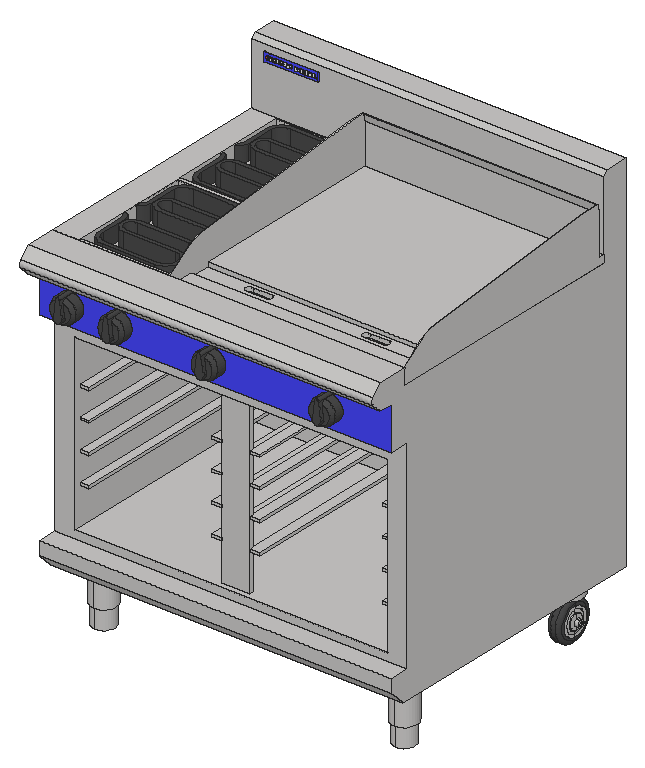
Revit family "QF_MOFFAT_BLUESEAL_CE_E516B-CB", category Specialty Equipment, Revit 2012
Parameters
  Width = 900 mm
  Weight in Pounds = 286  # constant formula
  Watts = 11600 W
  Volts = 400 V
  URL Cutsheet = "www.moffat.com"
  URL = "www.moffat.com"
  Type Mark [instance] = ""
  Status [instance] = ""
  Specification by User [instance] = ""
  Specification by Manufacturer = ""
  Show Logo [instance] = yes
  Show Casters [instance] = yes
  Serial Number = ""
  Seismic Rating = ""
  SMACNA No = ""
  Revision Code [instance] = ""
  Phase = 3
  Omniclass Number and Title = ""
  Number of Poles = 1
  NAFEM Spec ID Number = ""
  Model = "E516B-CB"
  Min Ckt Ampacity = 0 A
  Max Overcurrent Protection = 0 A
  Masterspec = ""
  Manufacturer = "MOFFAT BLUESEAL"
  Legs [instance] = not(Show Casters)  # no
  Item Number [instance] = ""
  Installed By [instance] = ""
  Identify Quantity as Lot [instance] = yes
  HP = ""
  Furnished By [instance] = ""
  Foodservice Equipment Identifier [instance] = yes
  FL Amps = 20 A
  Electrical Remarks = "20A PER PHASE"
  Elec Conn RI Height = 0 mm
  Elec Conn Connection Height = 0 mm
  Description = "900MM ELECTRIC COOK TOP ON CABINET BASE"
  Depth = 812 mm
  Cycle = 50 Hz
  Conn Plug = ""
  Conn Conduit = yes
  CSI MasterFormat = ""
  CSI Master Format = ""
  Base Height [instance] = 150 mm
  Apparent Power = if(Phase = 3, Volts * FL Amps * 1.73, Volts * FL Amps)  # 13840 VA
Reference planes
  plane 1 "BACK": y = 0
  plane 2: z = 0
  plane 3 "LEFT": x = 0
  plane 4 "RIGHT": x = 900
  plane 5 "FRONT": y = -812
  plane 6 "TOP": z = 970
  plane 7 "Center Y": x = 450
  plane 8 "Center X": y = -406
  plane 9 "Base Height": z = 150
  plane 10: z = 915
  plane 11: z = 1085
  plane 12: z = 740
  plane 13: x = 834
  plane 14: x = 65
  plane 15: y = -625
  plane 16: y = -100
Forms (mm)
  Extrusion 1, solid, material "QF_Finishes_Stainless Steel"
    sketch origin (0, 0, 0) x (0, 1, 0) y (0, 0, 1)
      loop
        line (0, 150) -> (0, 1085) -> (-57.5, 1085) -> (-70, 1072.5) -> (-70, 875) -> (-705.25, 875) -> (-705.25, 915) -> (-783.97, 915) -> (-808.485, 890.485)
        arc (-808.485, 890.485) -> (-811.999, 882) -> (-808.485, 873.515) r 12
        line (-808.485, 873.515) -> (-784.97, 850) -> (-749, 850) -> (-749, 740) -> (-130.5, 740) -> (-130.5, 222.5) -> (-749, 222.5) -> (-749, 186) -> (-713, 150) -> (0, 150)
    from 0 to 900
  Extrusion 2, void
    sketch origin (705, 3, 100) x (1, 0, 0) y (0, 1, 0)
      loop
        circle (65, -35) r 13.5
    from 640 to 570
  Revolve 3, solid, material "QF_Finishes_Black"
    sketch origin (87.5, 7, 757.8) x (0, 1, 0) y (0, 0, -1)
      loop
        line (-789, -69.5) -> (-766, -69.5) -> (-766, -42) -> (-756, -42) -> (-756, -37) -> (-800, -37) -> (-800, -63.651) -> (-789, -69.5)
      axis (-800, -37) -> (-756, -37)
    angle from 0 to 360
  Extrusion 4, solid, material "QF_Finishes_Black"
    sketch origin (225.77, 7, 757.958) x (-1, 0, 0) y (0, 0, -1)
      loop
        line (127.85, -26.037) -> (133.271, -68.955)
        arc (133.271, -68.955) -> (138.27, -73.842) -> (143.268, -68.955) r 5
        line (143.268, -68.955) -> (148.757, -24.87)
        arc (148.757, -24.87) -> (137.685, -14.371) -> (127.85, -26.037) r 10.487
    from 759 to 808
  Revolve 5, solid, material "QF_Finishes_Stainless Steel", visible <- "Legs"
    sketch origin (834, -165, 0) x (0, 1, 0) y (0, 0, -1)
      loop
        line (33.25, -150) -> (65, -150) -> (65, 0) -> (37.5, 0) -> (37.5, -50) -> (33.25, -50) -> (33.25, -150)
      axis (65, -150) -> (65, 0)
    angle from 0 to 360
  Revolve 6, solid, material "QF_Finishes_Stainless Steel"
    sketch origin (834, -728, 0) x (0, 1, 0) y (0, 0, -1)
      loop
        line (71.25, -150) -> (103, -150) -> (103, 0) -> (75.5, 0) -> (75.5, -50) -> (71.25, -50) -> (71.25, -150)
      axis (103, -150) -> (103, 0)
    angle from 0 to 360
  Extrusion 7, solid, material "QF_Finishes_Stainless Steel"
    sketch origin (0, -130.5, 735) x (0, 0, 1) y (-1, 0, 0)
      loop
        line (5, -900) -> (5, 0) -> (-512.5, 0) -> (-512.5, -900) -> (5, -900)
      loop
        line (-50, -850) -> (-50, -50) -> (-492.5, -50) -> (-492.5, -850) -> (-50, -850)
    from 0 to 568.5
  Extrusion 8, void
    sketch origin (0, 0, 150) x (-1, 0, 0) y (0, -1, 0)
      loop
        line (-824.497, 87.26) -> (-824.497, -30.24) -> (-694.997, -30.24) -> (-694.997, 38.76) -> (-743.497, 87.26) -> (-824.497, 87.26)
    from 72.5 to 590
  Extrusion 9, solid, material "QF_Finishes_Stainless Steel"
    sketch origin (0, -130.5, 735) x (0, 0, 1) y (-1, 0, 0)
      loop
        line (-50, -485.5) -> (-50, -414.5) -> (-492.5, -414.5) -> (-492.5, -485.5) -> (-50, -485.5)
    from 543.302 to 553.302
  Extrusion 10, solid, material "QF_Finishes_Stainless Steel"
    sketch origin (0, -130.5, 735) x (0, 0, 1) y (-1, 0, 0)
      loop
        line (-246.25, -414.5) -> (-239.9, -414.5) -> (-239.9, -389.5) -> (-246.25, -389.5) -> (-246.25, -414.5)
      loop
        line (-321.25, -414.5) -> (-314.9, -414.5) -> (-314.9, -389.5) -> (-321.25, -389.5) -> (-321.25, -414.5)
      loop
        line (-321.25, -50) -> (-321.25, -75) -> (-314.9, -75) -> (-314.9, -50) -> (-321.25, -50)
      loop
        line (-239.9, -75) -> (-239.9, -50) -> (-246.25, -50) -> (-246.25, -75) -> (-239.9, -75)
      loop
        line (-396.25, -414.5) -> (-389.9, -414.5) -> (-389.9, -389.5) -> (-396.25, -389.5) -> (-396.25, -414.5)
      loop
        line (-396.25, -50) -> (-396.25, -75) -> (-389.9, -75) -> (-389.9, -50) -> (-396.25, -50)
      loop
        line (-171.25, -414.5) -> (-164.9, -414.5) -> (-164.9, -389.5) -> (-171.25, -389.5) -> (-171.25, -414.5)
      loop
        line (-164.9, -75) -> (-164.9, -50) -> (-171.25, -50) -> (-171.25, -75) -> (-164.9, -75)
      loop
        line (-246.25, -485.5) -> (-246.25, -510.5) -> (-239.9, -510.5) -> (-239.9, -485.5) -> (-246.25, -485.5)
      loop
        line (-321.25, -485.5) -> (-321.25, -510.5) -> (-314.9, -510.5) -> (-314.9, -485.5) -> (-321.25, -485.5)
      loop
        line (-321.25, -850) -> (-314.9, -850) -> (-314.9, -825) -> (-321.25, -825) -> (-321.25, -850)
      loop
        line (-239.9, -825) -> (-246.25, -825) -> (-246.25, -850) -> (-239.9, -850) -> (-239.9, -825)
      loop
        line (-396.25, -485.5) -> (-396.25, -510.5) -> (-389.9, -510.5) -> (-389.9, -485.5) -> (-396.25, -485.5)
      loop
        line (-396.25, -850) -> (-389.9, -850) -> (-389.9, -825) -> (-396.25, -825) -> (-396.25, -850)
      loop
        line (-171.25, -485.5) -> (-171.25, -510.5) -> (-164.9, -510.5) -> (-164.9, -485.5) -> (-171.25, -485.5)
      loop
        line (-164.9, -825) -> (-171.25, -825) -> (-171.25, -850) -> (-164.9, -850) -> (-164.9, -825)
    from 0 to 553.302
  Extrusion 11, solid, material "QF_Finishes_Stainless Steel"
    sketch origin (705, -4.5, 740) x (0, 1, 0) y (1, 0, 0)
      loop
        circle (-34.187, 65) r 6.35
    from 0 to 1.6
  Revolve 12, solid, material "QF_Finishes_Black"
    sketch origin (211.766, 7, 757.8) x (0, 1, 0) y (0, 0, -1)
      loop
        line (-789, -69.5) -> (-766, -69.5) -> (-766, -42) -> (-756, -42) -> (-756, -37) -> (-800, -37) -> (-800, -63.651) -> (-789, -69.5)
      axis (-800, -37) -> (-756, -37)
    angle from 0 to 360
  Extrusion 13, solid, material "QF_Finishes_Black"
    sketch origin (350.035, 7, 757.958) x (-1, 0, 0) y (0, 0, -1)
      loop
        line (127.85, -26.037) -> (133.271, -68.955)
        arc (133.271, -68.955) -> (138.27, -73.842) -> (143.268, -68.955) r 5
        line (143.268, -68.955) -> (148.757, -24.87)
        arc (148.757, -24.87) -> (137.685, -14.371) -> (127.85, -26.037) r 10.487
    from 759 to 808
  Revolve 14, solid, material "QF_Finishes_Black"
    sketch origin (450, 7, 757.8) x (0, 1, 0) y (0, 0, -1)
      loop
        line (-789, -69.5) -> (-766, -69.5) -> (-766, -42) -> (-756, -42) -> (-756, -37) -> (-800, -37) -> (-800, -63.651) -> (-789, -69.5)
      axis (-800, -37) -> (-756, -37)
    angle from 0 to 360
  Extrusion 15, solid, material "QF_Finishes_Black"
    sketch origin (588.27, 7, 757.958) x (-1, 0, 0) y (0, 0, -1)
      loop
        line (127.85, -26.037) -> (133.271, -68.955)
        arc (133.271, -68.955) -> (138.27, -73.842) -> (143.268, -68.955) r 5
        line (143.268, -68.955) -> (148.757, -24.87)
        arc (148.757, -24.87) -> (137.685, -14.371) -> (127.85, -26.037) r 10.487
    from 759 to 808
  Revolve 16, solid, material "QF_Finishes_Stainless Steel", visible <- "Show Casters"
    sketch origin (784.648, -99.755, -13.653) x (1, 0, 0) y (0, 0, 1)
      loop
        line (14.841, 63.604) -> (83.584, 63.604) -> (83.584, 67.109) -> (82.314, 68.379) -> (80.79, 68.379) -> (80.79, 71.826) -> (68.644, 71.826) -> (68.644, 81.79) -> (65.088, 83.843) -> (63.738, 92.179) -> (65.881, 92.179) -> (65.881, 98.529) -> (65.088, 98.529) -> (65.088, 104.879)
        arc (65.088, 104.879) -> (62.298, 111.614) -> (55.563, 114.404) r 9.525
        line (55.563, 114.404) -> (42.863, 114.404)
        arc (42.863, 114.404) -> (36.127, 111.614) -> (33.338, 104.879) r 9.525
        line (33.338, 104.879) -> (33.338, 98.529) -> (32.544, 98.529) -> (32.544, 92.179) -> (34.687, 92.179) -> (33.352, 83.932) -> (29.782, 81.871) -> (29.782, 71.826) -> (17.635, 71.826) -> (17.635, 68.379) -> (16.111, 68.379) -> (14.841, 67.109) -> (14.841, 63.604)
      axis (14.841, 63.604) -> (83.584, 63.604)
    angle from 0 to 360
  Revolve 17, solid, material "QF_Finishes_Stainless Steel", visible <- "Show Casters"
    sketch origin (833.871, -203, 0) x (0, 1, 0) y (0, 0, 1)
      loop
        line (68.25, 150) -> (68.25, 110) -> (104, 110) -> (104, 150) -> (68.25, 150)
      axis (104, 150) -> (104, 110)
    angle from 0 to 360
  Revolve 18, solid, material "QF_Finishes_Stainless Steel", visible <- "Legs"
    sketch origin (65, -165, 0) x (0, 1, 0) y (0, 0, -1)
      loop
        line (33.25, -150) -> (65, -150) -> (65, 0) -> (37.5, 0) -> (37.5, -50) -> (33.25, -50) -> (33.25, -150)
      axis (65, -150) -> (65, 0)
    angle from 0 to 360
  Revolve 19, solid, material "QF_Finishes_Stainless Steel"
    sketch origin (65, -728, 0) x (0, 1, 0) y (0, 0, -1)
      loop
        line (71.25, -150) -> (103, -150) -> (103, 0) -> (75.5, 0) -> (75.5, -50) -> (71.25, -50) -> (71.25, -150)
      axis (103, -150) -> (103, 0)
    angle from 0 to 360
  Revolve 20, solid, material "QF_Finishes_Stainless Steel", visible <- "Show Casters"
    sketch origin (15.648, -99.755, -13.653) x (1, 0, 0) y (0, 0, 1)
      loop
        line (14.841, 63.604) -> (83.584, 63.604) -> (83.584, 67.109) -> (82.314, 68.379) -> (80.79, 68.379) -> (80.79, 71.826) -> (68.644, 71.826) -> (68.644, 81.79) -> (65.088, 83.843) -> (63.738, 92.179) -> (65.881, 92.179) -> (65.881, 98.529) -> (65.088, 98.529) -> (65.088, 104.879)
        arc (65.088, 104.879) -> (62.298, 111.614) -> (55.563, 114.404) r 9.525
        line (55.563, 114.404) -> (42.863, 114.404)
        arc (42.863, 114.404) -> (36.127, 111.614) -> (33.338, 104.879) r 9.525
        line (33.338, 104.879) -> (33.338, 98.529) -> (32.544, 98.529) -> (32.544, 92.179) -> (34.687, 92.179) -> (33.352, 83.932) -> (29.782, 81.871) -> (29.782, 71.826) -> (17.635, 71.826) -> (17.635, 68.379) -> (16.111, 68.379) -> (14.841, 67.109) -> (14.841, 63.604)
      axis (14.841, 63.604) -> (83.584, 63.604)
    angle from 0 to 360
  Revolve 21, solid, material "QF_Finishes_Stainless Steel", visible <- "Show Casters"
    sketch origin (64.871, -203, 0) x (0, 1, 0) y (0, 0, 1)
      loop
        line (68.25, 150) -> (68.25, 110) -> (104, 110) -> (104, 150) -> (68.25, 150)
      axis (104, 150) -> (104, 110)
    angle from 0 to 360
  Revolve 22, solid, material "QF_Finishes_Black"
    sketch origin (750, 7, 757.8) x (0, 1, 0) y (0, 0, -1)
      loop
        line (-789, -69.5) -> (-766, -69.5) -> (-766, -42) -> (-756, -42) -> (-756, -37) -> (-800, -37) -> (-800, -63.651) -> (-789, -69.5)
      axis (-800, -37) -> (-756, -37)
    angle from 0 to 360
  Extrusion 23, solid, material "QF_Finishes_Black"
    sketch origin (888.27, 7, 757.958) x (-1, 0, 0) y (0, 0, -1)
      loop
        line (127.85, -26.037) -> (133.271, -68.955)
        arc (133.271, -68.955) -> (138.27, -73.842) -> (143.268, -68.955) r 5
        line (143.268, -68.955) -> (148.757, -24.87)
        arc (148.757, -24.87) -> (137.685, -14.371) -> (127.85, -26.037) r 10.487
    from 759 to 808
Cuts and joins
  Extrusion 2, Extrusion 8 cuts Extrusion 1
  joined: Extrusion 1, Extrusion 7
Lines and regions (mm)
  Split face 1
    outline origin (900, 0, 1085) x (-1, 0, 0) y (0, -1, 0)
      loop
        arc (856, 18.385) -> (864.66, 23.385) -> (864.66, 33.385) r 10
        line (864.66, 33.385) -> (860.619, 40.385)
        arc (860.619, 40.385) -> (856.959, 44.045) -> (851.959, 45.385) r 10
        line (851.959, 45.385) -> (624, 45.385)
        arc (624, 45.385) -> (615.34, 40.385) -> (615.34, 30.385) r 10
        line (615.34, 30.385) -> (619.381, 23.385)
        arc (619.381, 23.385) -> (623.041, 19.725) -> (628.041, 18.385) r 10
        line (628.041, 18.385) -> (856, 18.385)
  Split face 2
    outline origin (900, 0, 1085) x (-1, 0, 0) y (0, -1, 0)
      loop
        arc (44, 45.385) -> (35.34, 40.385) -> (35.34, 30.385) r 10
        line (35.34, 30.385) -> (39.381, 23.385)
        arc (39.381, 23.385) -> (43.041, 19.725) -> (48.041, 18.385) r 10
        line (48.041, 18.385) -> (276, 18.385)
        arc (276, 18.385) -> (284.66, 23.385) -> (284.66, 33.385) r 10
        line (284.66, 33.385) -> (280.619, 40.385)
        arc (280.619, 40.385) -> (276.959, 44.045) -> (271.959, 45.385) r 10
        line (271.959, 45.385) -> (44, 45.385)
  Split face 3
    outline origin (900, 0, 1085) x (-1, 0, 0) y (0, -1, 0)
      loop
        arc (566, 18.385) -> (574.66, 23.385) -> (574.66, 33.385) r 10
        line (574.66, 33.385) -> (570.619, 40.385)
        arc (570.619, 40.385) -> (566.959, 44.045) -> (561.959, 45.385) r 10
        line (561.959, 45.385) -> (334, 45.385)
        arc (334, 45.385) -> (325.34, 40.385) -> (325.34, 30.385) r 10
        line (325.34, 30.385) -> (329.381, 23.385)
        arc (329.381, 23.385) -> (333.041, 19.725) -> (338.041, 18.385) r 10
        line (338.041, 18.385) -> (566, 18.385)
  symbolic lines, style "SpecialityEquipmentHiddenLines", visible <- "Show Casters"
    curve 1: line (78.456, -46.735, 0) -> (105.952, -62.61, 0)
    curve 2: line (27.656, -134.723, 0) -> (78.456, -46.735, 0)
    curve 3: line (55.152, -150.598, 0) -> (27.656, -134.723, 0)
    curve 4: line (105.952, -62.61, 0) -> (55.152, -150.598, 0)
    curve 5: line (847.456, -46.735, 0) -> (874.952, -62.61, 0)
    curve 6: line (796.656, -134.723, 0) -> (847.456, -46.735, 0)
    curve 7: line (824.152, -150.598, 0) -> (796.656, -134.723, 0)
    curve 8: line (874.952, -62.61, 0) -> (824.152, -150.598, 0)
  symbolic lines
    curve 9: line (0, -783.97, 0) -> (900, -783.97, 0)
    curve 10: line (0, -811.999, 0) -> (900, -811.999, 0)
    curve 11: line (0, 0, 0) -> (0, -811.999, 0)
    curve 12: line (900, 0, 0) -> (0, 0, 0)
    curve 13: line (900, -811.999, 0) -> (900, 0, 0)
    curve 14: line (624, -18.385, 0) -> (851.959, -18.385, 0)
    curve 15: arc (851.959, -18.385, 0) -> (856.959, -19.725, 0) -> (860.619, -23.385, 0) r 10
    curve 16: line (860.619, -23.385, 0) -> (864.66, -30.385, 0)
    curve 17: arc (864.66, -30.385, 0) -> (864.66, -40.385, 0) -> (856, -45.385, 0) r 10
    curve 18: line (856, -45.385, 0) -> (628.041, -45.385, 0)
    curve 19: arc (628.041, -45.385, 0) -> (623.041, -44.045, 0) -> (619.381, -40.385, 0) r 10
    curve 20: line (619.381, -40.385, 0) -> (615.34, -33.385, 0)
    curve 21: arc (615.34, -33.385, 0) -> (615.34, -23.385, 0) -> (624, -18.385, 0) r 10
    curve 22: line (561.959, -18.385, 0) -> (334, -18.385, 0)
    curve 23: arc (334, -18.385, 0) -> (325.34, -23.385, 0) -> (325.34, -33.385, 0) r 10
    curve 24: line (325.34, -33.385, 0) -> (329.381, -40.385, 0)
    curve 25: arc (329.381, -40.385, 0) -> (333.041, -44.045, 0) -> (338.041, -45.385, 0) r 10
    curve 26: line (338.041, -45.385, 0) -> (566, -45.385, 0)
    curve 27: arc (566, -45.385, 0) -> (574.66, -40.385, 0) -> (574.66, -30.385, 0) r 10
    curve 28: line (574.66, -30.385, 0) -> (570.619, -23.385, 0)
    curve 29: arc (570.619, -23.385, 0) -> (566.959, -19.725, 0) -> (561.959, -18.385, 0) r 10
    curve 30: line (44, -18.385, 0) -> (271.959, -18.385, 0)
    curve 31: arc (271.959, -18.385, 0) -> (276.959, -19.725, 0) -> (280.619, -23.385, 0) r 10
    curve 32: line (280.619, -23.385, 0) -> (284.66, -30.385, 0)
    curve 33: arc (284.66, -30.385, 0) -> (284.66, -40.385, 0) -> (276, -45.385, 0) r 10
    curve 34: line (276, -45.385, 0) -> (48.041, -45.385, 0)
    curve 35: arc (48.041, -45.385, 0) -> (43.041, -44.045, 0) -> (39.381, -40.385, 0) r 10
    curve 36: line (39.381, -40.385, 0) -> (35.34, -33.385, 0)
    curve 37: arc (35.34, -33.385, 0) -> (35.34, -23.385, 0) -> (44, -18.385, 0) r 10
    curve 38: line (0, -705.25, 0) -> (900, -705.25, 0)
    curve 39: line (0, -57.5, 0) -> (900, -57.5, 0)
    curve 40: line (0, -70, 0) -> (900, -70, 0)
Dimensions and locks
  equal spacing: plane 3 "LEFT", plane 7 "Center Y", plane 4 "RIGHT"
  "Width": plane 3 "LEFT" to plane 4 "RIGHT"
  equal spacing: plane 5 "FRONT", plane 8 "Center X", plane 1 "BACK"
  "Depth": plane 5 "FRONT" to plane 1 "BACK"
  "Base Height": plane 9 "Base Height" to level
  plane 10 to level = 915 mm
  cut or joined group of Extrusion 1, Extrusion 2, Extrusion 7, Extrusion 8 to level = 740 mm
  plane 11 to plane 2 = 1085 mm
  plane 2 to plane 12 = 740 mm
  plane 13 to plane 14 = 769 mm
  plane 16 to plane 15 = 525 mm
  plane 1 "BACK" to plane 16 = 100 mm
  Revolve 16 sketch curve to Revolve 16 sketch curve = 50.8 mm
  Extrusion 11 sketch curve to plane 4 "RIGHT" = 130 mm
  Revolve 20 sketch curve to Revolve 20 sketch curve = 50.8 mm
  aligned and locked: level to plane 2
Automatic sketch dimensions
  plane 1 "BACK" to curve 12 = 0 mm
  curve 12 to plane 3 "LEFT" = 0 mm
  curve 10 to plane 4 "RIGHT" = 0 mm
  plane 3 "LEFT" to curve 2 = 27.656 mm
  curve 36 to plane 14 = 29.66 mm
  curve 37 to curve 35 = 4.041 mm  (x2)
  curve 37 to curve 37 = 8.66 mm
  curve 4 to plane 14 = 9.848 mm
  plane 14 to curve 1 = 13.456 mm
  plane 1 "BACK" to curve 30 = 18.385 mm
  curve 1 to curve 30 = 166.007 mm
  curve 31 to curve 34 = 4.041 mm
  curve 30 to curve 31 = 8.66 mm
  plane 1 "BACK" to curve 32 = 30.385 mm
  curve 31 to curve 32 = 4.041 mm
  plane 1 "BACK" to curve 24 = 33.385 mm
  curve 32 to curve 24 = 40.679 mm
  curve 24 to curve 25 = 4.041 mm
  curve 23 to curve 22 = 8.66 mm
  curve 25 to curve 25 = 8.66 mm
  plane 1 "BACK" to curve 29 = 28.385 mm
  plane 7 "Center Y" to curve 29 = 111.959 mm
  curve 29 to curve 27 = 4.041 mm
  curve 22 to curve 29 = 8.66 mm
  plane 1 "BACK" to curve 28 = 30.385 mm
  curve 29 to curve 28 = 4.041 mm
  plane 1 "BACK" to curve 20 = 33.385 mm
  curve 28 to curve 20 = 40.679 mm
  plane 1 "BACK" to curve 20 = 40.385 mm
  curve 20 to curve 20 = 4.041 mm
  curve 20 to curve 21 = 8.66 mm
  curve 21 to curve 19 = 4.041 mm
  curve 6 to plane 13 = 37.344 mm
  curve 8 to plane 13 = 9.848 mm
  plane 13 to curve 6 = 13.456 mm
  plane 13 to curve 15 = 17.959 mm
  curve 15 to curve 17 = 4.041 mm
  curve 14 to curve 16 = 8.66 mm
  curve 16 to curve 16 = 4.041 mm
  curve 35 to curve 30 = 27 mm
  curve 19 to curve 19 = 5 mm
  curve 25 to curve 23 = 12 mm
  curve 1 to curve 35 = 1.35 mm
  curve 5 to curve 17 = 1.35 mm
  curve 39 to plane 16 = 42.5 mm
  curve 8 to curve 39 = 5.11 mm
  curve 1 to curve 1 = 15.875 mm
  curve 40 to curve 39 = 12.5 mm
  plane 15 to curve 38 = 80.25 mm
  curve 9 to plane 5 "FRONT" = 28.03 mm
  curve 10 to plane 5 "FRONT" = 0.001 mm
  curve 25 to curve 24 = 7 mm
  curve 34 to curve 35 = 5 mm
  curve 18 to curve 17 = 10 mm
  curve 35 to curve 37 = 7 mm
  curve 25 to curve 23 = 7 mm
  curve 19 to curve 21 = 7 mm
  curve 33 to curve 31 = 7 mm
  curve 17 to curve 15 = 7 mm
  Extrusion 1 sketch curve to plane 10 = 0 mm
  plane 12 to Extrusion 1 sketch curve = 0 mm
  Extrusion 1 sketch curve to plane 9 "Base Height" = 0 mm
  Extrusion 1 sketch curve to plane 11 = 0 mm
  Extrusion 1 sketch curve to plane 1 "BACK" = 0 mm
  Extrusion 1 sketch curve to plane 16 = 42.5 mm
  Extrusion 1 sketch curve to plane 16 = 30 mm
  plane 16 to Extrusion 1 sketch curve = 30.5 mm
  plane 15 to Extrusion 1 sketch curve = 80.25 mm
  plane 15 to Extrusion 1 sketch curve = 88 mm
  Extrusion 1 sketch curve to plane 5 "FRONT" = 63 mm  (x2)
  Extrusion 1 sketch curve to plane 5 "FRONT" = 28.03 mm
  Extrusion 1 sketch curve to plane 5 "FRONT" = 27.03 mm
  Extrusion 1 sketch curve to plane 5 "FRONT" = 12.001 mm
  Extrusion 1 sketch curve to plane 5 "FRONT" = 3.515 mm  (x2)
  plane 9 "Base Height" to Extrusion 1 sketch curve = 36 mm
  Extrusion 1 sketch curve to Extrusion 1 sketch curve = 36.5 mm
  Extrusion 1 sketch curve to plane 10 = 65 mm
  Extrusion 1 sketch curve to Extrusion 1 sketch curve = 23.515 mm
  Extrusion 1 sketch curve to plane 10 = 40 mm
  Extrusion 1 sketch curve to Extrusion 1 sketch curve = 8.485 mm
  Extrusion 1 sketch curve to plane 11 = 12.5 mm
  plane 1 "BACK" to Extrusion 2 sketch curve = 32 mm
  Extrusion 2 sketch curve to plane 13 = 64 mm
  Revolve 3 sketch curve to plane 5 "FRONT" = 19 mm
  Revolve 3 sketch curve to Revolve 3 sketch curve = 0 mm  (x2)
  Revolve 3 sketch curve to Revolve 3 sketch curve = 11 mm
  Revolve 3 sketch curve to Revolve 3 sketch curve = 12.7 mm
  Revolve 3 sketch curve to Revolve 3 sketch curve = 23 mm
  Revolve 3 sketch curve to Revolve 3 sketch curve = 10 mm
  Revolve 3 sketch curve to plane 12 = 87.3 mm
  Revolve 3 sketch curve to Revolve 3 sketch curve = 5.849 mm
  Revolve 3 sketch curve to Revolve 3 sketch curve = 27.5 mm
  Revolve 3 sketch curve to Revolve 3 sketch curve = 5 mm
  plane 14 to Extrusion 4 sketch curve = 32.919 mm
  plane 14 to Extrusion 4 sketch curve = 27.499 mm
  Extrusion 4 sketch curve to Extrusion 4 sketch curve = 10.419 mm
  Extrusion 4 sketch curve to Extrusion 4 sketch curve = 4.999 mm  (x2)
  Extrusion 4 sketch curve to Extrusion 4 sketch curve = 10.487 mm
  Extrusion 4 sketch curve to plane 12 = 86.913 mm
  Extrusion 4 sketch curve to Extrusion 4 sketch curve = 0.113 mm
  Extrusion 4 sketch curve to Extrusion 4 sketch curve = 42.919 mm
  Extrusion 4 sketch curve to Extrusion 4 sketch curve = 1.167 mm
  Revolve 5 sketch curve to plane 9 "Base Height" = 0 mm
  Revolve 5 sketch curve to level = 0 mm
  Revolve 5 sketch curve to plane 16 = 0 mm  (x2)
  plane 16 to Revolve 5 sketch curve = 27.5 mm
  plane 16 to Revolve 5 sketch curve = 31.75 mm
  level to Revolve 5 sketch curve = 50 mm
  Revolve 5 sketch curve to Revolve 5 sketch curve = 0 mm
  Revolve 5 sketch curve to Revolve 5 sketch curve = 55 mm
  Revolve 6 sketch curve to plane 9 "Base Height" = 0 mm
  Revolve 6 sketch curve to level = 0 mm
  Revolve 6 sketch curve to plane 15 = 0 mm  (x2)
  plane 15 to Revolve 6 sketch curve = 27.5 mm
  plane 15 to Revolve 6 sketch curve = 31.75 mm
  level to Revolve 6 sketch curve = 50 mm
  Revolve 6 sketch curve to Revolve 6 sketch curve = 0 mm
  Revolve 6 sketch curve to Revolve 6 sketch curve = 55 mm
  Extrusion 1 to Extrusion 7 sketch curve = 0 mm
  Extrusion 7 sketch curve to Extrusion 1 = 0 mm  (x3)
  Extrusion 1 to Extrusion 7 sketch curve = 20 mm
  Extrusion 7 sketch curve to Extrusion 1 = 55 mm
  Extrusion 1 to Extrusion 7 sketch curve = 50 mm  (x2)
  Extrusion 8 sketch curve to plane 13 = 9.503 mm
  Extrusion 8 sketch curve to plane 16 = 12.74 mm
  Extrusion 8 sketch curve to Extrusion 8 sketch curve = 81 mm
  Extrusion 8 sketch curve to Extrusion 8 sketch curve = 48.5 mm
  plane 1 "BACK" to Extrusion 8 sketch curve = 38.76 mm
  Extrusion 8 sketch curve to plane 1 "BACK" = 30.24 mm
  Extrusion 1 to Extrusion 9 sketch curve = 20 mm
  Extrusion 9 sketch curve to Extrusion 1 = 55 mm
  Extrusion 1 to Extrusion 9 sketch curve = 414.5 mm
  Extrusion 9 sketch curve to Extrusion 9 sketch curve = 71 mm
  Extrusion 1 to Extrusion 10 sketch curve = 116.25 mm  (x3)
  Extrusion 10 sketch curve to Extrusion 10 sketch curve = 0 mm  (x6)
  Extrusion 1 to Extrusion 10 sketch curve = 50 mm  (x4)
  Extrusion 10 sketch curve to Extrusion 10 sketch curve = 6.35 mm  (x16)
  Extrusion 10 sketch curve to Extrusion 10 sketch curve = 68.65 mm  (x12)
  Extrusion 10 sketch curve to Extrusion 10 sketch curve = 25 mm  (x16)
  Extrusion 10 sketch curve to Extrusion 10 sketch curve = 314.5 mm
  Extrusion 10 sketch curve to Extrusion 10 sketch curve = 71 mm  (x4)
  Extrusion 1 to Extrusion 10 sketch curve = 75 mm  (x2)
  Revolve 12 sketch curve to plane 5 "FRONT" = 19 mm
  Revolve 12 sketch curve to Revolve 12 sketch curve = 0 mm  (x2)
  Revolve 12 sketch curve to Revolve 12 sketch curve = 11 mm
  Revolve 12 sketch curve to Revolve 12 sketch curve = 12.7 mm
  Revolve 12 sketch curve to Revolve 12 sketch curve = 23 mm
  Revolve 12 sketch curve to Revolve 12 sketch curve = 10 mm
  Revolve 12 sketch curve to plane 12 = 87.3 mm
  Revolve 12 sketch curve to Revolve 12 sketch curve = 5.849 mm
  Revolve 12 sketch curve to Revolve 12 sketch curve = 27.5 mm
  Revolve 12 sketch curve to Revolve 12 sketch curve = 5 mm
  Extrusion 13 sketch curve to plane 12 = 43.995 mm
  plane 14 to Extrusion 13 sketch curve = 157.185 mm
  Extrusion 13 sketch curve to Extrusion 13 sketch curve = 5.421 mm
  Extrusion 13 sketch curve to Extrusion 13 sketch curve = 10.419 mm
  Extrusion 13 sketch curve to Extrusion 13 sketch curve = 4.999 mm  (x2)
  Extrusion 13 sketch curve to plane 12 = 86.913 mm
  Extrusion 13 sketch curve to Extrusion 13 sketch curve = 10.487 mm
  Extrusion 13 sketch curve to Extrusion 13 sketch curve = 0.113 mm
  Extrusion 13 sketch curve to Extrusion 13 sketch curve = 1.167 mm
  Revolve 14 sketch curve to plane 5 "FRONT" = 19 mm
  Revolve 14 sketch curve to Revolve 14 sketch curve = 0 mm  (x2)
  Revolve 14 sketch curve to Revolve 14 sketch curve = 11 mm
  Revolve 14 sketch curve to Revolve 14 sketch curve = 12.7 mm
  Revolve 14 sketch curve to Revolve 14 sketch curve = 23 mm
  Revolve 14 sketch curve to Revolve 14 sketch curve = 10 mm
  Revolve 14 sketch curve to plane 12 = 87.3 mm
  Revolve 14 sketch curve to Revolve 14 sketch curve = 5.849 mm
  Revolve 14 sketch curve to Revolve 14 sketch curve = 27.5 mm
  Revolve 14 sketch curve to Revolve 14 sketch curve = 5 mm
  Extrusion 15 sketch curve to plane 7 "Center Y" = 0 mm  (x2)
  plane 7 "Center Y" to Extrusion 15 sketch curve = 4.999 mm
  plane 7 "Center Y" to Extrusion 15 sketch curve = 10.419 mm
  Extrusion 15 sketch curve to plane 7 "Center Y" = 4.999 mm
  Extrusion 15 sketch curve to plane 7 "Center Y" = 10.487 mm
  Extrusion 15 sketch curve to plane 12 = 86.913 mm
  Extrusion 15 sketch curve to Extrusion 15 sketch curve = 0.113 mm
  Extrusion 15 sketch curve to Extrusion 15 sketch curve = 42.919 mm
  Extrusion 15 sketch curve to Extrusion 15 sketch curve = 1.167 mm
  Split face 1 sketch curve to cut or joined group of Extrusion 1, Extrusion 2, Extrusion 7, Extrusion 8 = 27.115 mm
  Split face 1 sketch curve to cut or joined group of Extrusion 1, Extrusion 2, Extrusion 7, Extrusion 8 = 284.66 mm
  Split face 1 sketch curve to Split face 1 sketch curve = 4.041 mm  (x4)
  Split face 1 sketch curve to Split face 1 sketch curve = 8.66 mm  (x2)
  Split face 1 sketch curve to cut or joined group of Extrusion 1, Extrusion 2, Extrusion 7, Extrusion 8 = 12.115 mm
  Split face 1 sketch curve to cut or joined group of Extrusion 1, Extrusion 2, Extrusion 7, Extrusion 8 = 48.041 mm
  Split face 1 sketch curve to Split face 1 sketch curve = 7 mm  (x3)
  Split face 1 sketch curve to Split face 1 sketch curve = 17 mm
  Split face 2 sketch curve to cut or joined group of Extrusion 1, Extrusion 2, Extrusion 7, Extrusion 8 = 35.34 mm
  Split face 2 sketch curve to Split face 2 sketch curve = 4.041 mm  (x4)
  Split face 2 sketch curve to Split face 2 sketch curve = 8.66 mm  (x2)
  Split face 2 sketch curve to cut or joined group of Extrusion 1, Extrusion 2, Extrusion 7, Extrusion 8 = 22.115 mm
  Split face 2 sketch curve to Split face 2 sketch curve = 223.917 mm
  Split face 2 sketch curve to cut or joined group of Extrusion 1, Extrusion 2, Extrusion 7, Extrusion 8 = 17.115 mm
  Split face 2 sketch curve to Split face 2 sketch curve = 10 mm
  Split face 2 sketch curve to Split face 2 sketch curve = 7 mm  (x3)
  Split face 3 sketch curve to cut or joined group of Extrusion 1, Extrusion 2, Extrusion 7, Extrusion 8 = 27.115 mm
  Split face 3 sketch curve to cut or joined group of Extrusion 1, Extrusion 2, Extrusion 7, Extrusion 8 = 325.34 mm
  Split face 3 sketch curve to Split face 3 sketch curve = 4.041 mm  (x4)
  Split face 3 sketch curve to Split face 3 sketch curve = 8.66 mm  (x2)
  Split face 3 sketch curve to cut or joined group of Extrusion 1, Extrusion 2, Extrusion 7, Extrusion 8 = 12.115 mm
  Split face 3 sketch curve to Split face 3 sketch curve = 223.917 mm
  Split face 3 sketch curve to Split face 3 sketch curve = 7 mm  (x3)
  Split face 3 sketch curve to Split face 3 sketch curve = 17 mm
  Revolve 16 sketch curve to plane 13 = 34.511 mm
  Revolve 16 sketch curve to Revolve 16 sketch curve = 1.27 mm  (x4)
  Revolve 16 sketch curve to Revolve 16 sketch curve = 1.524 mm  (x2)
  Revolve 16 sketch curve to Revolve 16 sketch curve = 12.146 mm  (x2)
  Revolve 16 sketch curve to plane 13 = 16.809 mm
  Revolve 16 sketch curve to Revolve 16 sketch curve = 0.794 mm  (x2)
  Revolve 16 sketch curve to Revolve 16 sketch curve = 3.57 mm
  Revolve 16 sketch curve to Revolve 16 sketch curve = 2.143 mm
  Revolve 16 sketch curve to plane 13 = 6.49 mm
  plane 13 to Revolve 16 sketch curve = 5.001 mm
  plane 13 to Revolve 16 sketch curve = 6.21 mm
  plane 13 to Revolve 16 sketch curve = 14.386 mm
  Revolve 16 sketch curve to Revolve 16 sketch curve = 1.349 mm  (x2)
  Revolve 16 sketch curve to Revolve 16 sketch curve = 3.556 mm
  Revolve 16 sketch curve to plane 4 "RIGHT" = 1.551 mm
  level to Revolve 16 sketch curve = 49.952 mm
  Revolve 16 sketch curve to Revolve 16 sketch curve = 0 mm
  Revolve 16 sketch curve to Revolve 16 sketch curve = 3.505 mm  (x2)
  Revolve 16 sketch curve to Revolve 16 sketch curve = 3.447 mm  (x2)
  Revolve 16 sketch curve to Revolve 16 sketch curve = 9.964 mm
  Revolve 16 sketch curve to Revolve 16 sketch curve = 10.045 mm
  Revolve 16 sketch curve to Revolve 16 sketch curve = 2.053 mm
  Revolve 16 sketch curve to Revolve 16 sketch curve = 2.061 mm
  Revolve 16 sketch curve to Revolve 16 sketch curve = 8.247 mm
  Revolve 16 sketch curve to Revolve 16 sketch curve = 8.336 mm
  Revolve 16 sketch curve to Revolve 16 sketch curve = 6.35 mm  (x2)
  Revolve 17 sketch curve to plane 9 "Base Height" = 0 mm
  plane 16 to Revolve 17 sketch curve = 34.75 mm
  Revolve 17 sketch curve to plane 16 = 1 mm  (x2)
  Revolve 17 sketch curve to plane 9 "Base Height" = 40 mm
  level to Revolve 17 sketch curve = 50 mm
  Revolve 17 sketch curve to level = 55 mm
  Revolve 18 sketch curve to plane 9 "Base Height" = 0 mm
  Revolve 18 sketch curve to level = 0 mm
  Revolve 18 sketch curve to plane 16 = 0 mm  (x2)
  plane 16 to Revolve 18 sketch curve = 27.5 mm
  plane 16 to Revolve 18 sketch curve = 31.75 mm
  level to Revolve 18 sketch curve = 50 mm
  Revolve 18 sketch curve to Revolve 18 sketch curve = 0 mm
  Revolve 18 sketch curve to Revolve 18 sketch curve = 55 mm
  Revolve 19 sketch curve to plane 9 "Base Height" = 0 mm
  Revolve 19 sketch curve to level = 0 mm
  Revolve 19 sketch curve to plane 15 = 0 mm  (x2)
  plane 15 to Revolve 19 sketch curve = 27.5 mm
  plane 15 to Revolve 19 sketch curve = 31.75 mm
  level to Revolve 19 sketch curve = 50 mm
  Revolve 19 sketch curve to Revolve 19 sketch curve = 0 mm
  Revolve 19 sketch curve to Revolve 19 sketch curve = 55 mm
  plane 3 "LEFT" to Revolve 20 sketch curve = 30.489 mm
  Revolve 20 sketch curve to Revolve 20 sketch curve = 1.27 mm  (x4)
  Revolve 20 sketch curve to Revolve 20 sketch curve = 1.524 mm  (x2)
  Revolve 20 sketch curve to Revolve 20 sketch curve = 12.146 mm  (x2)
  Revolve 20 sketch curve to plane 14 = 16.809 mm
  Revolve 20 sketch curve to Revolve 20 sketch curve = 0.794 mm  (x2)
  Revolve 20 sketch curve to Revolve 20 sketch curve = 3.57 mm
  Revolve 20 sketch curve to Revolve 20 sketch curve = 2.143 mm
  Revolve 20 sketch curve to plane 14 = 6.49 mm
  plane 14 to Revolve 20 sketch curve = 5.001 mm
  plane 14 to Revolve 20 sketch curve = 6.21 mm
  plane 14 to Revolve 20 sketch curve = 14.386 mm
  Revolve 20 sketch curve to Revolve 20 sketch curve = 1.349 mm  (x2)
  Revolve 20 sketch curve to Revolve 20 sketch curve = 3.556 mm
  Revolve 20 sketch curve to Revolve 20 sketch curve = 33.32 mm
  level to Revolve 20 sketch curve = 49.952 mm
  Revolve 20 sketch curve to Revolve 20 sketch curve = 0 mm
  Revolve 20 sketch curve to Revolve 20 sketch curve = 3.505 mm  (x2)
  Revolve 20 sketch curve to Revolve 20 sketch curve = 3.447 mm  (x2)
  Revolve 20 sketch curve to Revolve 20 sketch curve = 9.964 mm
  Revolve 20 sketch curve to Revolve 20 sketch curve = 10.045 mm
  Revolve 20 sketch curve to Revolve 20 sketch curve = 2.053 mm
  Revolve 20 sketch curve to Revolve 20 sketch curve = 2.061 mm
  Revolve 20 sketch curve to Revolve 20 sketch curve = 8.247 mm
  Revolve 20 sketch curve to Revolve 20 sketch curve = 8.336 mm
  Revolve 20 sketch curve to Revolve 20 sketch curve = 6.35 mm  (x2)
  Revolve 21 sketch curve to plane 9 "Base Height" = 0 mm
  plane 16 to Revolve 21 sketch curve = 34.75 mm
  Revolve 21 sketch curve to plane 16 = 1 mm  (x2)
  Revolve 21 sketch curve to plane 9 "Base Height" = 40 mm
  level to Revolve 21 sketch curve = 50 mm
  Revolve 21 sketch curve to level = 55 mm
  Revolve 22 sketch curve to plane 5 "FRONT" = 19 mm
  Revolve 22 sketch curve to Revolve 22 sketch curve = 0 mm  (x2)
  Revolve 22 sketch curve to Revolve 22 sketch curve = 11 mm
  Revolve 22 sketch curve to Revolve 22 sketch curve = 12.7 mm
  Revolve 22 sketch curve to Revolve 22 sketch curve = 23 mm
  Revolve 22 sketch curve to Revolve 22 sketch curve = 10 mm
  Revolve 22 sketch curve to plane 12 = 87.3 mm
  Revolve 22 sketch curve to Revolve 22 sketch curve = 5.849 mm
  Revolve 22 sketch curve to Revolve 22 sketch curve = 27.5 mm
  Revolve 22 sketch curve to Revolve 22 sketch curve = 5 mm
  Extrusion 23 sketch curve to plane 13 = 73.581 mm
  Extrusion 23 sketch curve to Extrusion 23 sketch curve = 5.421 mm
  Extrusion 23 sketch curve to Extrusion 23 sketch curve = 10.419 mm
  Extrusion 23 sketch curve to Extrusion 23 sketch curve = 4.999 mm  (x2)
  Extrusion 23 sketch curve to plane 12 = 86.913 mm
  Extrusion 23 sketch curve to Extrusion 23 sketch curve = 10.487 mm
  Extrusion 23 sketch curve to Extrusion 23 sketch curve = 0.113 mm
  Extrusion 23 sketch curve to Extrusion 23 sketch curve = 42.919 mm
  Extrusion 23 sketch curve to Extrusion 23 sketch curve = 1.167 mm
  radius of Extrusion 2 sketch curve = 13.5 mm
  radius of Extrusion 11 sketch curve = 6.35 mm
Nested families
  nested 1: "WALDORF LOGO_FACE BASE" at (32, -70, 1056.885) x (1, 0, 0) z (0, -1, 0), visible <- "Show Logo", type "WALDORF LOGO_FACE BASE", detail levels medium+fine
    with Show Logo yes
  nested 2: "ELECTRIC BURNER & GRIDDLE 900" at (0, -70.25, 875), type "ELECTRIC BURNER & GRIDDLE 900"
    with Width 900 mm, Type Mark "", Status "", Specification by User "", Revision Code "", Item Number "", Installed By "", Identify Quantity as Lot yes, Furnished By "", Foodservice Equipment Identifier yes, Depth 635 mm
Connectors
  electrical at (770, -38.687, 738.4), driven by "Volts", driven by "Watts"
    settings: on Extrusion 11, index 1, voltage 400 V, apparent load 11600 VA, apparent load phase1 0 VA, apparent load phase2 0 VA, apparent load phase3 0 VA, power factor 1, load classification "Other", number of poles 1, system type 30, power factor state 1, is connector primary yes, connector utility no, sub classification motor no, connector description "ELECTRICAL CONNECTION"
Definition of nested family "WALDORF LOGO_FACE BASE"
  Parameters (values of type "WALDORF LOGO_FACE BASE")
    Show Logo [instance] = yes
    Default Elevation = 1219.2 mm
  Reference planes
    plane 1 "Center (Front/Back)": y = 0
    plane 2: z = 0
    plane 3 "Center (Left/Right)": x = 0
  Forms (mm)
    Extrusion 1, solid
      sketch origin (0, 0, 0) x (1, 0, 0) y (0, 1, 0)
        loop
          line (-1219.2, 1219.2) -> (-1219.2, -1219.2) -> (1219.2, -1219.2) -> (1219.2, 1219.2) -> (-1219.2, 1219.2)
      from 0 to -304.8
    Extrusion 2, solid, material "QF_Finishes_Blue", visible <- "Show Logo"
      sketch origin (0, -33.217, 0) x (1, 0, 0) y (0, 1, 0)
        loop
          arc (138, 31.942) -> (137.626, 32.844) -> (136.724, 33.217) r 1.276
          line (136.724, 33.217) -> (1.29, 33.217)
          arc (1.29, 33.217) -> (0.378, 32.839) -> (0, 31.927) r 1.29
          line (0, 31.927) -> (0, 11.507)
          arc (0, 11.507) -> (0.378, 10.595) -> (1.29, 10.217) r 1.29
          line (1.29, 10.217) -> (136.71, 10.217)
          arc (136.71, 10.217) -> (137.622, 10.595) -> (138, 11.507) r 1.29
          line (138, 11.507) -> (138, 31.942)
      from 0 to 1.588
    Extrusion 3, solid, material "QF_Finishes_White", visible <- "Show Logo"
      sketch origin (0, -33.217, 1.588) x (1, 0, 0) y (0, 1, 0)
        loop
          arc (108.946, 25.919) -> (107.613, 25.367) -> (107.061, 24.034) r 1.885
          line (107.061, 24.034) -> (107.061, 17.211) -> (112.704, 17.211) -> (112.704, 19.129) -> (115.546, 19.129) -> (115.546, 17.211) -> (121.584, 17.211) -> (121.584, 24.075)
          arc (121.584, 24.075) -> (121.043, 25.379) -> (119.739, 25.919) r 1.845
          line (119.739, 25.919) -> (108.946, 25.919)
        loop
          line (123.478, 25.919) -> (123.478, 17.163) -> (134.904, 17.163) -> (134.904, 19.129) -> (129.246, 19.129) -> (129.246, 25.919) -> (123.478, 25.919)
        loop
          line (112.704, 21.258) -> (115.546, 21.258) -> (115.546, 22.702)
          arc (115.546, 22.702) -> (115.344, 23.188) -> (114.858, 23.389) r 0.687
          line (114.858, 23.389) -> (113.363, 23.389)
          arc (113.363, 23.389) -> (112.897, 23.196) -> (112.704, 22.73) r 0.658
          line (112.704, 22.73) -> (112.704, 21.258)
        loop
          line (105.071, 25.919) -> (93.771, 25.919) -> (93.771, 17.163) -> (105.071, 17.163) -> (105.071, 19.063) -> (99.535, 19.063) -> (99.535, 20.437) -> (105.071, 20.437) -> (105.071, 22.278) -> (99.535, 22.278) -> (99.535, 23.587) -> (105.071, 23.587) -> (105.071, 25.919)
        loop
          line (91.104, 25.919) -> (79.541, 25.919)
          arc (79.541, 25.919) -> (78.558, 25.513) -> (78.152, 24.53) r 1.389
          line (78.152, 24.53) -> (78.152, 22.08)
          arc (78.152, 22.08) -> (78.558, 21.098) -> (79.541, 20.691) r 1.389
          line (79.541, 20.691) -> (86.346, 20.691) -> (86.346, 18.864) -> (83.266, 18.864) -> (83.266, 19.664) -> (78.152, 19.664) -> (78.152, 18.553)
          arc (78.152, 18.553) -> (78.558, 17.57) -> (79.541, 17.163) r 1.389
          line (79.541, 17.163) -> (91.063, 17.163)
          arc (91.063, 17.163) -> (92.045, 17.57) -> (92.452, 18.553) r 1.389
          line (92.452, 18.553) -> (92.452, 20.691)
          arc (92.452, 20.691) -> (92.045, 21.673) -> (91.063, 22.08) r 1.389
          line (91.063, 22.08) -> (83.266, 22.08) -> (83.266, 23.984) -> (86.346, 23.984) -> (86.346, 22.743) -> (92.452, 22.743) -> (92.452, 24.571)
          arc (92.452, 24.571) -> (92.057, 25.524) -> (91.104, 25.919) r 1.348
        loop
          line (70.705, 25.919) -> (59.405, 25.919) -> (59.405, 17.163) -> (70.705, 17.163) -> (70.705, 19.063) -> (65.169, 19.063) -> (65.169, 20.437) -> (70.705, 20.437) -> (70.705, 22.278) -> (65.169, 22.278) -> (65.169, 23.587) -> (70.705, 23.587) -> (70.705, 25.919)
        loop
          line (57.598, 25.919) -> (51.7, 25.919) -> (51.7, 20.18)
          arc (51.7, 20.18) -> (50.63, 19.11) -> (49.56, 20.18) r 1.07
          line (49.56, 20.18) -> (49.56, 25.919) -> (43.663, 25.919) -> (43.663, 19.049)
          arc (43.663, 19.049) -> (44.215, 17.716) -> (45.548, 17.163) r 1.885
          line (45.548, 17.163) -> (55.71, 17.163)
          arc (55.71, 17.163) -> (57.045, 17.716) -> (57.598, 19.051) r 1.887
          line (57.598, 19.051) -> (57.598, 25.919)
        loop
          line (31.62, 25.919) -> (31.62, 17.163) -> (43.046, 17.163) -> (43.046, 19.129) -> (37.388, 19.129) -> (37.388, 25.919) -> (31.62, 25.919)
        loop
          line (15.969, 25.919) -> (15.969, 17.163) -> (28.693, 17.163)
          arc (28.693, 17.163) -> (29.812, 17.627) -> (30.276, 18.746) r 1.582
          line (30.276, 18.746) -> (30.276, 20.447) -> (29.48, 21.243) -> (30.276, 22.039) -> (30.276, 24.332)
          arc (30.276, 24.332) -> (29.811, 25.454) -> (28.688, 25.919) r 1.587
          line (28.688, 25.919) -> (15.969, 25.919)
        loop
          line (21.449, 24.159) -> (21.449, 22.436) -> (23.862, 22.436)
          arc (23.862, 22.436) -> (24.723, 23.298) -> (23.862, 24.159) r 0.861
          line (23.862, 24.159) -> (21.449, 24.159)
        loop
          line (21.449, 20.244) -> (21.449, 18.522) -> (23.862, 18.522)
          arc (23.862, 18.522) -> (24.723, 19.383) -> (23.862, 20.244) r 0.861
          line (23.862, 20.244) -> (21.449, 20.244)
      from 0 to 0.2
    Extrusion 4, solid, material "QF_Finishes_Blue", visible <- "Show Logo"
      sketch origin (-126.498, -31.09, 1.588) x (1, 0, 0) y (0, 1, 0)
        loop
          line (136.738, 23.522) -> (136.738, 15.1)
          arc (136.738, 15.1) -> (140.756, 19.311) -> (136.738, 23.522) r 4.216
      from 0 to 0.2
    Extrusion 5, solid, material "QF_Finishes_Red", visible <- "Show Logo"
      sketch origin (146.849, -31.09, 1.588) x (-1, 0, 0) y (0, -1, 0)
        loop
          arc (136.738, -23.522) -> (140.756, -19.311) -> (136.738, -15.1) r 4.216
          line (136.738, -15.1) -> (136.738, -23.522)
      from 0 to 0.2
  Lines and regions (mm)
    Split face 1
      outline origin (-90.35, -30.793, 1.588) x (1, 0, 0) y (0, 1, 0)
        loop
          circle (100.54, 19.013) r 4.536
  Dimensions and locks
    aligned and locked: plane 2 to Extrusion 1
    aligned and locked: level to Extrusion 1
Definition of nested family "ELECTRIC BURNER & GRIDDLE 900"
  Parameters (values of type "ELECTRIC BURNER & GRIDDLE 900")
    Width [instance] = 900 mm
    Weight in Pounds = 0
    URL Cutsheet = ""
    Type Mark [instance] = ""
    Status [instance] = ""
    Specification by User [instance] = ""
    Specification by Manufacturer = ""
    Serial Number = ""
    Seismic Rating = ""
    SMACNA No = ""
    Revision Code [instance] = ""
    Omniclass Number and Title = ""
    NAFEM Spec ID Number = ""
    Masterspec = ""
    Item Number [instance] = ""
    Installed By [instance] = ""
    Identify Quantity as Lot [instance] = yes
    Furnished By [instance] = ""
    Foodservice Equipment Identifier [instance] = yes
    Depth [instance] = 635 mm
    CSI MasterFormat = ""
    CSI Master Format = ""
  Reference planes
    plane 1 "BACK": y = 0
    plane 2: z = 0
    plane 3 "LEFT": x = 0
    plane 4 "RIGHT": x = 900
    plane 5 "FRONT": y = -635
    plane 6 "TOP": z = 142.5
    plane 7 "Center Y": x = 450
    plane 8 "Center X": y = -317.5
    plane 9: y = -70
    plane 10: x = 65.8
    plane 11: y = 70
  Forms (mm)
    Extrusion 1, solid, material "QF_Finishes_Stainless Steel"
      sketch origin (0, 1, 0) x (0, -1, 0) y (1, 0, 0)
        loop
          line (1, 0) -> (636, 0) -> (636, 300) -> (1, 300) -> (1, 0)
        loop
          line (631, 65.8) -> (631, 294.362) -> (321.251, 294.362) -> (321.251, 65.8) -> (631, 65.8)
        loop
          line (6, 294.362) -> (6, 65.8) -> (313.651, 65.8) -> (313.651, 294.362) -> (6, 294.362)
      from 0 to 40
    Extrusion 2, solid, material "QF_Finishes_Black"
      sketch origin (0, 15.7, 0) x (0, -1, 0) y (1, 0, 0)
        loop
          arc (156.993, 65.612) -> (148.172, 80.048) -> (132.304, 85.912) r 25.79
          line (132.304, 85.912) -> (61.096, 85.912)
          arc (61.096, 85.912) -> (42.545, 94.459) -> (35.45, 113.612) r 26.722
          line (35.45, 113.612) -> (35.45, 246.212)
          arc (35.45, 246.212) -> (63.15, 273.912) -> (90.85, 246.212) r 27.7
          line (90.85, 246.212) -> (90.85, 113.769)
          arc (90.85, 113.769) -> (118.55, 86.069) -> (146.25, 113.769) r 27.7
          line (146.25, 113.769) -> (146.25, 246.212)
          arc (146.25, 246.212) -> (173.95, 273.912) -> (201.65, 246.212) r 27.7
          line (201.65, 246.212) -> (201.65, 114.237)
          arc (201.65, 114.237) -> (229.35, 86.537) -> (257.05, 114.237) r 27.7
          line (257.05, 114.237) -> (257.05, 246.212)
          arc (257.05, 246.212) -> (284.75, 273.912) -> (312.45, 246.212) r 27.7
          line (312.45, 246.212) -> (312.45, 113.612)
          arc (312.45, 113.612) -> (305.355, 94.459) -> (286.804, 85.912) r 26.722
          line (286.804, 85.912) -> (215.596, 85.912)
          arc (215.596, 85.912) -> (199.705, 80.037) -> (190.819, 65.612) r 25.973
          line (190.819, 65.612) -> (201.232, 65.612)
          arc (201.232, 65.612) -> (206.91, 72.964) -> (215.719, 75.912) r 15.973
          line (215.719, 75.912) -> (286.986, 75.912)
          arc (286.986, 75.912) -> (312.551, 87.513) -> (322.45, 113.784) r 36.722
          line (322.45, 113.784) -> (322.45, 246.212)
          arc (322.45, 246.212) -> (284.75, 283.912) -> (247.05, 246.212) r 37.7
          line (247.05, 246.212) -> (247.05, 113.612)
          arc (247.05, 113.612) -> (229.35, 95.912) -> (211.65, 113.612) r 17.7
          line (211.65, 113.612) -> (211.65, 246.212)
          arc (211.65, 246.212) -> (173.95, 283.912) -> (136.25, 246.212) r 37.7
          line (136.25, 246.212) -> (136.25, 113.612)
          arc (136.25, 113.612) -> (118.55, 95.912) -> (100.85, 113.612) r 17.7
          line (100.85, 113.612) -> (100.85, 246.212)
          arc (100.85, 246.212) -> (63.15, 283.912) -> (25.45, 246.212) r 37.7
          line (25.45, 246.212) -> (25.45, 113.784)
          arc (25.45, 113.784) -> (35.349, 87.513) -> (60.914, 75.912) r 36.722
          line (60.914, 75.912) -> (132.193, 75.912)
          arc (132.193, 75.912) -> (140.976, 72.972) -> (146.6, 65.612) r 15.79
          line (146.6, 65.612) -> (156.993, 65.612)
        loop
          arc (469.581, 65.612) -> (460.695, 80.037) -> (444.804, 85.912) r 25.973
          line (444.804, 85.912) -> (373.596, 85.912)
          arc (373.596, 85.912) -> (355.045, 94.459) -> (347.95, 113.612) r 26.722
          line (347.95, 113.612) -> (347.95, 246.212)
          arc (347.95, 246.212) -> (375.65, 273.912) -> (403.35, 246.212) r 27.7
          line (403.35, 246.212) -> (403.35, 114.862)
          arc (403.35, 114.862) -> (431.05, 87.162) -> (458.75, 114.862) r 27.7
          line (458.75, 114.862) -> (458.75, 246.212)
          arc (458.75, 246.212) -> (486.45, 273.912) -> (514.15, 246.212) r 27.7
          line (514.15, 246.212) -> (514.15, 114.862)
          arc (514.15, 114.862) -> (541.85, 87.162) -> (569.55, 114.862) r 27.7
          line (569.55, 114.862) -> (569.55, 246.212)
          arc (569.55, 246.212) -> (597.25, 273.912) -> (624.95, 246.212) r 27.7
          line (624.95, 246.212) -> (624.95, 113.612)
          arc (624.95, 113.612) -> (617.855, 94.459) -> (599.304, 85.912) r 26.722
          line (599.304, 85.912) -> (528.096, 85.912)
          arc (528.096, 85.912) -> (511.987, 79.848) -> (503.282, 65) r 25.79
          line (503.282, 65) -> (513.588, 65)
          arc (513.588, 65) -> (519.162, 72.781) -> (528.207, 75.912) r 15.79
          line (528.207, 75.912) -> (599.486, 75.912)
          arc (599.486, 75.912) -> (625.051, 87.513) -> (634.95, 113.784) r 36.722
          line (634.95, 113.784) -> (634.95, 246.212)
          arc (634.95, 246.212) -> (597.25, 283.912) -> (559.55, 246.212) r 37.7
          line (559.55, 246.212) -> (559.55, 113.612)
          arc (559.55, 113.612) -> (541.85, 95.912) -> (524.15, 113.612) r 17.7
          line (524.15, 113.612) -> (524.15, 246.212)
          arc (524.15, 246.212) -> (486.45, 283.912) -> (448.75, 246.212) r 37.7
          line (448.75, 246.212) -> (448.75, 113.612)
          arc (448.75, 113.612) -> (431.05, 95.912) -> (413.35, 113.612) r 17.7
          line (413.35, 113.612) -> (413.35, 246.212)
          arc (413.35, 246.212) -> (375.65, 283.912) -> (337.95, 246.212) r 37.7
          line (337.95, 246.212) -> (337.95, 113.784)
          arc (337.95, 113.784) -> (347.849, 87.513) -> (373.414, 75.912) r 36.722
          line (373.414, 75.912) -> (444.681, 75.912)
          arc (444.681, 75.912) -> (453.49, 72.964) -> (459.168, 65.612) r 15.973
          line (459.168, 65.612) -> (469.581, 65.612)
      from 0 to 40
  Lines and regions (mm)
    symbolic lines
      curve 1: line (0, -635, 0) -> (900, -635, 0)
      curve 2: line (834.388, -635, 0) -> (900, -635, 0)
      curve 3: line (0, -635, 0) -> (900, -635, 0)
      curve 4: line (900, -635, 0) -> (900, 0, 0)
      curve 5: line (900, 0, 0) -> (0, 0, 0)
      curve 6: line (0, -635, 0) -> (65.8, -635, 0)
      curve 7: line (65.8, -635, 0) -> (65.8, -320.251, 0)
      curve 8: line (65.8, -320.251, 0) -> (294.362, -320.251, 0)
      curve 9: line (294.362, -634.701, 0) -> (305.638, -634.701, 0)
      curve 10: line (113.612, -19.75, 0) -> (246.212, -19.75, 0)
      curve 11: arc (246.212, -19.75, 0) -> (273.912, -47.45, 0) -> (246.212, -75.15, 0) r 27.7
      curve 12: line (246.212, -75.15, 0) -> (113.769, -75.15, 0)
      curve 13: arc (113.769, -75.15, 0) -> (86.069, -102.85, 0) -> (113.769, -130.55, 0) r 27.7
      curve 14: line (113.769, -130.55, 0) -> (246.212, -130.55, 0)
      curve 15: arc (246.212, -130.55, 0) -> (273.912, -158.25, 0) -> (246.212, -185.95, 0) r 27.7
      curve 16: line (246.212, -185.95, 0) -> (114.237, -185.95, 0)
      curve 17: arc (114.237, -185.95, 0) -> (86.537, -213.65, 0) -> (114.237, -241.35, 0) r 27.7
      curve 18: line (114.237, -241.35, 0) -> (246.212, -241.35, 0)
      curve 19: arc (246.212, -241.35, 0) -> (273.912, -269.05, 0) -> (246.212, -296.75, 0) r 27.7
      curve 20: line (246.212, -296.75, 0) -> (113.612, -296.75, 0)
      curve 21: arc (113.612, -296.75, 0) -> (94.459, -289.655, 0) -> (85.912, -271.104, 0) r 26.722
      curve 22: line (85.912, -271.104, 0) -> (85.912, -199.896, 0)
      curve 23: arc (85.912, -199.896, 0) -> (80.037, -184.005, 0) -> (65.612, -175.119, 0) r 25.973
      curve 24: line (65.612, -175.119, 0) -> (65.612, -185.532, 0)
      curve 25: arc (65.612, -185.532, 0) -> (72.964, -191.21, 0) -> (75.912, -200.019, 0) r 15.973
      curve 26: line (75.912, -200.019, 0) -> (75.912, -271.286, 0)
      curve 27: arc (75.912, -271.286, 0) -> (87.513, -296.851, 0) -> (113.784, -306.75, 0) r 36.722
      curve 28: line (113.784, -306.75, 0) -> (246.212, -306.75, 0)
      curve 29: arc (246.212, -306.75, 0) -> (283.912, -269.05, 0) -> (246.212, -231.35, 0) r 37.7
      curve 30: line (246.212, -231.35, 0) -> (113.612, -231.35, 0)
      curve 31: arc (113.612, -231.35, 0) -> (95.912, -213.65, 0) -> (113.612, -195.95, 0) r 17.7
      curve 32: line (113.612, -195.95, 0) -> (246.212, -195.95, 0)
      curve 33: arc (246.212, -195.95, 0) -> (283.912, -158.25, 0) -> (246.212, -120.55, 0) r 37.7
      curve 34: line (246.212, -120.55, 0) -> (113.612, -120.55, 0)
      curve 35: arc (113.612, -120.55, 0) -> (95.912, -102.85, 0) -> (113.612, -85.15, 0) r 17.7
      curve 36: line (113.612, -85.15, 0) -> (246.212, -85.15, 0)
      curve 37: arc (246.212, -85.15, 0) -> (283.912, -47.45, 0) -> (246.212, -9.75, 0) r 37.7
      curve 38: line (246.212, -9.75, 0) -> (113.784, -9.75, 0)
      curve 39: arc (113.784, -9.75, 0) -> (87.513, -19.649, 0) -> (75.912, -45.214, 0) r 36.722
      curve 40: line (75.912, -45.214, 0) -> (75.912, -116.493, 0)
      curve 41: arc (75.912, -116.493, 0) -> (72.972, -125.276, 0) -> (65.612, -130.9, 0) r 15.79
      curve 42: line (65.612, -130.9, 0) -> (65.612, -141.293, 0)
      curve 43: arc (65.612, -141.293, 0) -> (80.048, -132.472, 0) -> (85.912, -116.604, 0) r 25.79
      curve 44: line (85.912, -116.604, 0) -> (85.912, -45.396, 0)
      curve 45: arc (85.912, -45.396, 0) -> (94.459, -26.845, 0) -> (113.612, -19.75, 0) r 26.722
      curve 46: line (246.212, -387.65, 0) -> (114.862, -387.65, 0)
      curve 47: arc (114.862, -387.65, 0) -> (87.162, -415.35, 0) -> (114.862, -443.05, 0) r 27.7
      curve 48: line (114.862, -443.05, 0) -> (246.212, -443.05, 0)
      curve 49: arc (246.212, -443.05, 0) -> (273.912, -470.75, 0) -> (246.212, -498.45, 0) r 27.7
      curve 50: line (246.212, -498.45, 0) -> (114.862, -498.45, 0)
      curve 51: arc (114.862, -498.45, 0) -> (87.162, -526.15, 0) -> (114.862, -553.85, 0) r 27.7
      curve 52: line (114.862, -553.85, 0) -> (246.212, -553.85, 0)
      curve 53: arc (246.212, -553.85, 0) -> (273.912, -581.55, 0) -> (246.212, -609.25, 0) r 27.7
      curve 54: line (246.212, -609.25, 0) -> (113.612, -609.25, 0)
      curve 55: arc (113.612, -609.25, 0) -> (94.459, -602.155, 0) -> (85.912, -583.604, 0) r 26.722
      curve 56: line (85.912, -583.604, 0) -> (85.912, -512.396, 0)
      curve 57: arc (85.912, -512.396, 0) -> (79.848, -496.287, 0) -> (65, -487.582, 0) r 25.79
      curve 58: line (65, -487.582, 0) -> (65, -497.888, 0)
      curve 59: arc (65, -497.888, 0) -> (72.781, -503.462, 0) -> (75.912, -512.507, 0) r 15.79
      curve 60: line (75.912, -512.507, 0) -> (75.912, -583.786, 0)
      curve 61: arc (75.912, -583.786, 0) -> (87.513, -609.351, 0) -> (113.784, -619.25, 0) r 36.722
      curve 62: line (113.784, -619.25, 0) -> (246.212, -619.25, 0)
      curve 63: arc (246.212, -619.25, 0) -> (283.912, -581.55, 0) -> (246.212, -543.85, 0) r 37.7
      curve 64: line (246.212, -543.85, 0) -> (113.612, -543.85, 0)
      curve 65: arc (113.612, -543.85, 0) -> (95.912, -526.15, 0) -> (113.612, -508.45, 0) r 17.7
      curve 66: line (113.612, -508.45, 0) -> (246.212, -508.45, 0)
      curve 67: arc (246.212, -508.45, 0) -> (283.912, -470.75, 0) -> (246.212, -433.05, 0) r 37.7
      curve 68: line (246.212, -433.05, 0) -> (113.612, -433.05, 0)
      curve 69: arc (113.612, -433.05, 0) -> (95.912, -415.35, 0) -> (113.612, -397.65, 0) r 17.7
      curve 70: line (113.612, -397.65, 0) -> (246.212, -397.65, 0)
      curve 71: arc (246.212, -397.65, 0) -> (283.912, -359.95, 0) -> (246.212, -322.25, 0) r 37.7
      curve 72: line (246.212, -322.25, 0) -> (113.784, -322.25, 0)
      curve 73: arc (113.784, -322.25, 0) -> (87.513, -332.149, 0) -> (75.912, -357.714, 0) r 36.722
      curve 74: line (75.912, -357.714, 0) -> (75.912, -428.981, 0)
      curve 75: arc (75.912, -428.981, 0) -> (72.964, -437.79, 0) -> (65.612, -443.468, 0) r 15.973
      curve 76: line (65.612, -443.468, 0) -> (65.612, -453.881, 0)
      curve 77: arc (65.612, -453.881, 0) -> (80.037, -444.995, 0) -> (85.912, -429.104, 0) r 25.973
      curve 78: line (85.912, -429.104, 0) -> (85.912, -357.896, 0)
      curve 79: arc (85.912, -357.896, 0) -> (94.459, -339.345, 0) -> (113.612, -332.25, 0) r 26.722
      curve 80: line (113.612, -332.25, 0) -> (246.212, -332.25, 0)
      curve 81: arc (246.212, -332.25, 0) -> (273.912, -359.95, 0) -> (246.212, -387.65, 0) r 27.7
      curve 82: line (0, 0, 0) -> (0, -635, 0)
